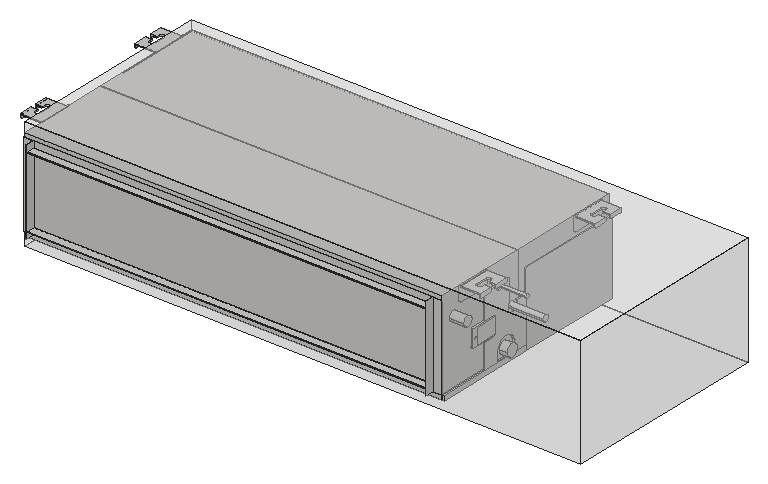
Revit family "outputfile", category 機械設備, Revit 2024
Family settings
  丸型コネクタ寸法 = 半径を使用
  パーツ タイプ = 標準
  OmniClass 番号 = 23.75.10.24.21.27.27
  OmniClass タイトル = Split System Air Conditioning Units
  作業面ベース = いいえ
  常に垂直 = はい
  ロード時にボイドで切り取り = いいえ
  注釈の向きを維持 = いいえ
  共有 = いいえ
  部屋計算ポイント = はい
Parameters (values of type "FDYBA50AV1")
  Description = ""
  書き出し IFC クラス(タイプ) = "IfcUnitaryEquipmentType"
  定義済み IFC タイプ(タイプ) = "AIRCONDITIONINGUNIT"
  Cost = 0
  Type Comments = ""
  Keynote = ""
  Type Image = (empty or 0)
  Assembly Code = ""
  switch_frequency = yes
  lw_socket for drain = 19.0 mm
  lw_liquidpipe = 64.0 mm
  lw_gaspipe = 76.0 mm
  lw_drainpipe = 33.0 mm
  lh_socket for drain = 170.0 mm
  ld_socket for drain = 165.0 mm
  製造元 = "Daikin"
  モデル = "FDYBA50AV1"
  r_Liquid Pipe Size = Liquid Pipe Size / 2  # 3.2 mm
  r_Gas Pipe Size = Gas Pipe Size / 2  # 6.35 mm
  r_Drain Pipe Size = Drain Pipe Size / 2  # 10.0 mm
  lw_powersuply = 65.0 mm  # constant formula
  lh_suctionflange [instance] = [h***] + 100.5 mm  # 100.5 mm
  lh_mounting = lh_mountinghole + [h***]  # 200.0 mm
  ld_suctionflange [instance] = if(and(Rear Connection_Return Air, Width = 700.0 mm), 94.5 mm, if(and(Rear Connection_Return Air, Width = 900.0 mm), 94.0 mm, if(and(Rear Connection_Return Air, Width = 1100.0 mm), 94.0 mm, 100.5 mm)))  # 94.0 mm
  ld_powersuply = 410.0 mm  # constant formula
  ld_mountinghole_Back = 165.0 mm
  ld_mountinghole_Front = 144.0 mm
  ld_RA_below = if(Width = 700.0 mm, 189.0 mm, 188.0 mm)  # 188.0 mm
  ld_RA = if(Width = 700.0 mm, 94.5 mm, 94.0 mm)  # 94.0 mm
  connector_voltage = Voltage_50Hz  # 230 V
  connector_powerinput = if([Power Input (Cooling)] > [Power Input (Heating)], [Power Input (Cooling)], [Power Input (Heating)])  # 0.000 kW
  connector_phase = Phase_50Hz  # 1
  angle_vertical_RA [instance] = if(Rear Connection_Return Air, 90.00°, 0.00°)  # 90.00°
  angle horizontal_RA [instance] = if(Rear Connection_Return Air, 180.00°, 270.00°)  # 180.00°
  Voltage_comment_50Hz = "220 - 240"
  Voltage_50Hz = 230 V
  URL = ""
  Supply Air Direction [instance] = yes
  Sound Power Level_H speed (dB) = 0
  Rear Connection_Return Air [instance] = not(Bottom Connection_Return Air)  # yes
  Phase_50Hz = 1
  Minimum External Static Pressure = 10.00 Pa
  Minimum Circuit Amps_50Hz = 0.0 A
  Maximum Fuse Amps_50Hz = 0.0 A
  Maximum External Static Pressure = 45.00 Pa
  Material_Casing = DAIKIN_GalvanizedSteel_Casing_indoorunit
  ld_liquidpipe = 150.0 mm
  ld_gaspipe = 184.0 mm  # constant formula
  lw_mountinghole = Width + 52.0 mm  # 952.0 mm
  ld_drainpipe = 28.0 mm  # constant formula
  lh_liquidpipe = 43.0 mm
  lh_gaspipe = 96.0 mm
  lh_mountinghole = 200.0 mm  # constant formula
  lh_drainpipe = 49.0 mm
  h_antenna = Height - lh_mountinghole + 1.0 mm  # 1.0 mm
  h*** = 0.0 mm  # constant formula
  Width = 900.0 mm
  Version = "ver.1.0"
  Unit Type = "DAS Duct (Demand Response)"
  Unit Mass Weight = 21.00 kg
  Unit Designation [instance] = ""
  Uniclass2015Version = "Products v1.30"
  Uniclass2015Title = "Split coil room air conditioning units"
  Uniclass2015Code = "Pr_70_65_03_86"
  Total Heating Capacity [instance] = 0.000 kW
  Total Cooling Capacity [instance] = 0.000 kW
  Sound Pressure Level_M speed (dBA) = 0
  Sound Pressure Level_L speed (dBA) = 31
  Sound Pressure Level_H speed (dBA) = 45.3
  Series = "SkyAir_Fan Coil Unit"
  Sensible Cooling Capacity [instance] = 0.000 kW
  SA Duct Size Width = 860.0 mm
  SA Duct Size Height = 153.0 mm
  Refrigerant Type = "R32"
  RA Duct Size Width = 775.0 mm
  RA Duct Size Height = 163.0 mm
  Power Input (Heating) = 0.000 kW
  Power Input (Cooling) = 0.000 kW
  Option Accessory 3 [instance] = ""
  Option Accessory 2 [instance] = ""
  Option Accessory 1 [instance] = ""
  Nominal Heating Capacity = 6.000 kW
  Nominal Cooling Capacity = 4.830 kW
  Minimum Airflow = 474.00 m³/h
  Median Airflow = 690.00 m³/h
  Maximum Airflow = 864.00 m³/h
  Load Classification = HVAC
  Liquid Pipe Size = 6.4 mm
  Link_Nested Family [instance] = ""
  IfcVersion = ""
  IfcExportType = "AIRCONDITIONINGUNIT"
  IfcExportAs = "IfcUnitaryEquipmentType"
  Height = 200.0 mm
  Heating Entering Wet Bulb Temperature [instance] = 0.00 °C
  Heating Entering Dry Bulb Temperature [instance] = 0.00 °C
  Heating Ambient Wet Bulb Temperature [instance] = 0.00 °C
  Heating Ambient Dry Bulb Temperature [instance] = 0.00 °C
  Heat Exchanger Type = "Cross Fin Coil"
  Gas Pipe Size = 12.7 mm
  Frequency_50Hz = 50 Hz
  Fan Type = "Sirocco Fan"
  Fan Drive = "Direct Drive"
  FCU Tag No. [instance] = ""
  Drain Pipe Size = 20.0 mm
  Design Supply Airflow [instance] = 0.00 m³/h
  Design Return Airflow [instance] = 0.00 m³/h
  Design External Static Pressure [instance] = 0.00 Pa
  Depth = 450.0 mm
  既定の高さ = 0.0 mm
  Cooling Entering Wet Bulb Temperature [instance] = 0.00 °C
  Cooling Entering Dry Bulb Temperature [instance] = 0.00 °C
  Cooling Ambient Wet Bulb Temperature [instance] = 0.00 °C
  Cooling Ambient Dry Bulb Temperature [instance] = 0.00 °C
  Clearance visibility [instance] = yes
  Clearance Top = 20.0 mm
  Clearance Right = 300.0 mm
  Clearance Rear = 0.0 mm
  Clearance Left = 0.0 mm
  Clearance Front = 0.0 mm
  Clearance Bottom = 20.0 mm
  Bottom Connection_Return Air [instance] = no
Reference planes
  plane 1 "Center (Front/Back)": y = 0
  plane 2 "Bottom": z = -200
  plane 3 "Center (Left/Right)": x = 0
  plane 4 "Back": y = 225
  plane 5 "Front": y = -225
  plane 6 "Left": x = -450
  plane 7 "Right": x = 450
  plane 8 "Top": z = 0
  plane 9 "BB": y = -20
  plane 10 "condensate water pan": z = -190
  plane 11 "Below": z = -200
  plane 12 "Other components Right": x = 455
  plane 13 "Other components Left": x = 445
  plane 14 "lh_drainpipe": z = -49
  plane 15 "ld_drainpipe": y = -197
  plane 16 "drainpipe": x = 483
  plane 17 "lh_liquidpipe": z = -43
  plane 18 "ld_liquidpipe": y = -75
  plane 19 "ld_gaspipe": y = -41
  plane 20 "lh_gaspipe": z = -96
  plane 21: x = 514
  plane 22: x = 526
  plane 23: x = 469
  plane 24 "w_mountinghole_Left": x = -476
  plane 25 "w_mountinghole_Right": x = 476
  plane 26 "d_mountinghole_Back": y = 165
  plane 27 "d_mountinghole_Front": y = -144
  plane 28 "h_mountinghole": z = 0
  plane 29 "lw_powersuply": x = 385
  plane 30 "ld_powersuply": y = 185
  plane 31 "Clearance Left": x = -450
  plane 32 "Clearance Right": x = 750
  plane 33 "Clearance Rear": y = 225
  plane 34 "Clearance Front": y = -225
  plane 35 "Clearance Bottom": z = -220
  plane 36 "Clearance Top": z = 20
  plane 37 "RA": y = 224
  plane 38: z = -199
  plane 39 "RA_d": y = 131
  plane 40 "RA_w": x = -51.5
  plane 41 "RA_h": z = -99.5
  plane 42 "SA_h": z = -99
  plane 43 "RA_dd": y = 37
  plane 44: y = -60
  plane 45: z = -170
Forms (mm)
  Extrusion 1, solid, material "DAIKIN_GalvanizedSteel_Casing_indoorunit" <- "Material_Casing"
    sketch origin (0, 0, 100) x (0, 1, 0) y (0, 0, 1)
      loop
        line (-20, -100) -> (-20, -300) -> (225, -300) -> (225, -100) -> (-20, -100)
    from -450 to 450
  Extrusion 2, solid, material "DAIKIN_GalvanizedSteel_Casing_indoorunit" <- "Material_Casing"
    sketch origin (0, 0, 100) x (0, 1, 0) y (0, 0, 1)
      loop
        line (-225, -100) -> (-225, -290) -> (-20, -290) -> (-20, -100) -> (-225, -100)
    from -450 to 450
  Extrusion 3, solid, material "DAIKIN_GalvanizedSteel_Casing_indoorunit" <- "Material_Casing"
    sketch origin (0, 0, 100) x (0, 1, 0) y (0, 0, 1)
      loop
        line (-225, -290) -> (-225, -300) -> (-20, -300) -> (-20, -290) -> (-225, -290)
    from -450 to 450
  Extrusion 4, solid, material "DAIKIN_GalvanizedSteel_Casing_indoorunit" <- "Material_Casing"
    sketch origin (0, 0, 0) x (0, 1, 0) y (0, 0, 1)
      loop
        arc (-2, -40) -> (-4.121, -40.879) -> (-5, -43) r 3
        line (-5, -43) -> (-5, -197)
        arc (-5, -197) -> (-4.121, -199.121) -> (-2, -200) r 3
        line (-2, -200) -> (225, -200) -> (225, -40) -> (-2, -40)
    from 450 to 455
  Extrusion 5, solid, material "DAIKIN_GalvanizedSteel_Casing_indoorunit" <- "Material_Casing"
    sketch origin (620, 0, 0) x (0, 1, 0) y (0, 0, 1)
      loop
        line (-225, -190) -> (-225, -200) -> (-5, -200) -> (-5, -193)
        arc (-5, -193) -> (-5.879, -190.879) -> (-8, -190) r 3
        line (-8, -190) -> (-225, -190)
    from -170 to -165
  Extrusion 6, void
    sketch origin (0, 0, 0) x (0, 1, 0) y (0, 0, 1)
      loop
        arc (-145.64, -94.17) -> (-147.761, -95.049) -> (-148.64, -97.17) r 3
        line (-148.64, -97.17) -> (-148.64, -131.17)
        arc (-148.64, -131.17) -> (-147.761, -133.291) -> (-145.64, -134.17) r 3
        line (-145.64, -134.17) -> (-91.78, -134.17)
        arc (-91.78, -134.17) -> (-89.659, -133.291) -> (-88.78, -131.17) r 3
        line (-88.78, -131.17) -> (-88.78, -97.17)
        arc (-88.78, -97.17) -> (-89.659, -95.049) -> (-91.78, -94.17) r 3
        line (-91.78, -94.17) -> (-145.64, -94.17)
    from 445 to 455
  Extrusion 7, solid, material "DAIKIN_GalvanizedSteel_Casing_indoorunit" <- "Material_Casing"
    sketch origin (0, 0, 0) x (0, 1, 0) y (0, 0, 1)
      loop
        line (-91.78, -95.17) -> (-145.64, -95.17)
        arc (-145.64, -95.17) -> (-147.054, -95.756) -> (-147.64, -97.17) r 2
        line (-147.64, -97.17) -> (-147.64, -131.17)
        arc (-147.64, -131.17) -> (-147.054, -132.584) -> (-145.64, -133.17) r 2
        line (-145.64, -133.17) -> (-91.78, -133.17)
        arc (-91.78, -133.17) -> (-90.366, -132.584) -> (-89.78, -131.17) r 2
        line (-89.78, -131.17) -> (-89.78, -97.17)
        arc (-89.78, -97.17) -> (-90.366, -95.756) -> (-91.78, -95.17) r 2
    from 445 to 455
  Extrusion 8, solid, material "DAIKIN_GalvanizedSteel_Casing_indoorunit" <- "Material_Casing"
    sketch origin (0, 0, 0) x (0, 1, 0) y (0, 0, 1)
      loop
        line (-89.78, -97.67) -> (-136.14, -97.67) -> (-136.14, -130.67) -> (-89.78, -130.67) -> (-89.78, -97.67)
      loop
        circle (-142.64, -114.17) r 1.5
    from 450 to 455
  Extrusion 9, solid, material "DAIKIN_GalvanizedSteel_Casing_indoorunit" <- "Material_Casing"
    sketch origin (0, 0, 0) x (0, 1, 0) y (0, 0, 1)
      loop
        circle (-197, -49) r 10
    from 450 to 483
  Extrusion 10, solid, material "DAIKIN_GalvanizedSteel_Casing_indoorunit" <- "Material_Casing"
    sketch origin (0, 0, 0) x (0, 1, 0) y (0, 0, 1)
      loop
        circle (-75, -43) r 3.2
    from 450 to 514
  Extrusion 11, solid, material "DAIKIN_GalvanizedSteel_Casing_indoorunit" <- "Material_Casing"
    sketch origin (0, 0, 0) x (0, 1, 0) y (0, 0, 1)
      loop
        circle (-41, -96) r 6.35
    from 450 to 526
  Extrusion 12, solid, material "DAIKIN_GalvanizedSteel_Casing_indoorunit" <- "Material_Casing"
    sketch origin (0, 0, 0) x (0, 1, 0) y (0, 0, 1)
      loop
        circle (-60, -170) r 13
    from 450 to 469
  Extrusion 13, void
    sketch origin (0, 0, 0) x (1, 0, 0) y (0, 0, 1)
      loop
        line (346, -1) -> (-449, -1) -> (-449, -200) -> (346, -200) -> (346, -1)
    from -225 to -37
  Extrusion 14, solid, material "DAIKIN_GalvanizedSteel_Casing_indoorunit" <- "Material_Casing", visible <- "Bottom Connection_Return Air"
    sketch origin (0, 0, 0) x (1, 0, 0) y (0, 0, 1)
      loop
        line (346, -1) -> (-449, -1) -> (-449, -200) -> (346, -200) -> (346, -1)
    from -225 to -224
  Extrusion 15, solid, material "DAIKIN_GalvanizedSteel_Casing_indoorunit" <- "Material_Casing", visible <- "Rear Connection_Return Air"
    sketch origin (0, 0, 0) x (1, 0, 0) y (0, 1, 0)
      loop
        line (-449, 37) -> (346, 37) -> (346, 225) -> (-449, 225) -> (-449, 37)
    from -200 to -199
  Extrusion 16, solid, material "DAIKIN_GalvanizedSteel_Casing_indoorunit" <- "Material_Casing"
    sketch origin (450, 0, 0) x (0, 1, 0) y (0, 0, 1)
      loop
        line (-115, -39) -> (-115, -94.17) -> (-90.78, -94.17)
        arc (-90.78, -94.17) -> (-88.659, -95.049) -> (-87.78, -97.17) r 3
        line (-87.78, -97.17) -> (-87.78, -133.17)
        arc (-87.78, -133.17) -> (-88.659, -135.291) -> (-90.78, -136.17) r 3
        line (-90.78, -136.17) -> (-116, -136.17) -> (-116, -190) -> (-84, -190) -> (-84, -170)
        arc (-84, -170) -> (-60, -146) -> (-36, -170) r 24
        line (-36, -170) -> (-36, -190) -> (-5, -190) -> (-5, -91) -> (-27.696, -91)
        arc (-27.696, -91) -> (-43.308, -110.024) -> (-52, -87) r 14.213
        line (-52, -87) -> (-52, -39) -> (-65.835, -39)
        arc (-65.835, -39) -> (-75, -53) -> (-84.165, -39) r 10
        line (-84.165, -39) -> (-115, -39)
    from 0 to 5
Cuts and joins
  Extrusion 6 cuts Extrusion 2
  Extrusion 13 cuts Extrusion 1
Dimensions and locks
  equal spacing: plane 4 "Back", plane 1 "Center (Front/Back)", plane 5 "Front"
  "Depth": plane 4 "Back" to plane 5 "Front"
  equal spacing: plane 6 "Left", plane 3 "Center (Left/Right)", plane 7 "Right"
  "Width": plane 6 "Left" to plane 7 "Right"
  locked: plane 1 "Center (Front/Back)" to plane 9 "BB" at 20
  "h***": plane 11 "Below" to plane 2 "Bottom"
  locked: plane 10 "condensate water pan" to plane 11 "Below" at 10
  "Height": plane 8 "Top" to plane 11 "Below"
  locked: Extrusion 4 sketch curve to plane 4 "Back" at 230
  locked: Extrusion 4 sketch curve to plane 11 "Below" at 160
  locked: plane 7 "Right" to plane 12 "Other components Right" at 5
  locked: plane 13 "Other components Left" to plane 7 "Right" at 5
  "ld_drainpipe": plane 15 "ld_drainpipe" to plane 5 "Front"
  "lw_drainpipe": plane 7 "Right" to plane 16 "drainpipe"
  "ld_liquidpipe": plane 18 "ld_liquidpipe" to plane 5 "Front"
  "ld_gaspipe": plane 19 "ld_gaspipe" to plane 5 "Front"
  "lw_liquidpipe": plane 7 "Right" to plane 21
  "lw_gaspipe": plane 7 "Right" to plane 22
  "lw_socket for drain": plane 7 "Right" to plane 23
  equal spacing: plane 24 "w_mountinghole_Left", plane 3 "Center (Left/Right)", plane 25 "w_mountinghole_Right"
  "lw_mountinghole": plane 24 "w_mountinghole_Left" to plane 25 "w_mountinghole_Right"
  plane 26 "d_mountinghole_Back" to plane 27 "d_mountinghole_Front" = 309.0 mm
  "lh_mountinghole": plane 28 "h_mountinghole" to plane 11 "Below"
  "lw_powersuply": plane 29 "lw_powersuply" to plane 7 "Right"
  "ld_powersuply": plane 5 "Front" to plane 30 "ld_powersuply"
  "Clearance Rear": plane 33 "Clearance Rear" to plane 4 "Back"
  "Clearance Front": plane 5 "Front" to plane 34 "Clearance Front"
  "Clearance Bottom": plane 11 "Below" to plane 35 "Clearance Bottom"
  "Clearance Top": plane 36 "Clearance Top" to plane 8 "Top"
  "Clearance Left": plane 31 "Clearance Left" to plane 6 "Left"
  "Clearance Right": plane 7 "Right" to plane 32 "Clearance Right"
  locked: cut or joined group of Extrusion 1, Extrusion 13 to plane 6 "Left" at 1
  locked: plane 7 "Right" to cut or joined group of Extrusion 1, Extrusion 13 at 104
  locked: plane 4 "Back" to plane 37 "RA" at 1
  locked: plane 6 "Left" to Extrusion 15 sketch curve at 1
  locked: Extrusion 15 sketch curve to plane 7 "Right" at 104
  locked: plane 38 to plane 11 "Below" at 1
  locked: plane 40 "RA_w" to plane 3 "Center (Left/Right)" at 51.5
  "ld_RA": plane 39 "RA_d" to plane 4 "Back"
  locked: plane 11 "Below" to plane 41 "RA_h" at 100.5
  locked: plane 11 "Below" to plane 42 "SA_h" at 101
  "ld_mountinghole_Back": plane 26 "d_mountinghole_Back" to plane 1 "Center (Front/Back)"
  "ld_mountinghole_Front": plane 27 "d_mountinghole_Front" to plane 1 "Center (Front/Back)"
  "ld_RA_below": plane 4 "Back" to plane 43 "RA_dd"
  plane 27 "d_mountinghole_Front" to plane 5 "Front" = 81.0 mm
  "lh_drainpipe": plane 8 "Top" to plane 14 "lh_drainpipe"
  "lh_liquidpipe": plane 8 "Top" to plane 17 "lh_liquidpipe"
  "lh_gaspipe": plane 8 "Top" to plane 20 "lh_gaspipe"
  "ld_socket for drain": plane 44 to plane 5 "Front"
  "lh_socket for drain": plane 8 "Top" to plane 45
  locked: Extrusion 16 sketch curve to Extrusion 16 sketch curve at 111
  locked: Extrusion 16 sketch curve to Extrusion 16 sketch curve at 151
  "r_Liquid Pipe Size": radius of Extrusion 10 sketch curve
  "r_Gas Pipe Size": radius of Extrusion 11 sketch curve
  "r_Drain Pipe Size": radius of Extrusion 9 sketch curve
  aligned and locked: Extrusion 1 sketch curve to plane 8 "Top"
  aligned and locked: plane 9 "BB" to Extrusion 1 sketch curve
  aligned and locked: Extrusion 1 sketch curve to plane 4 "Back"
  aligned and locked: Extrusion 2 sketch curve to plane 9 "BB"
  aligned and locked: Extrusion 2 sketch curve to plane 8 "Top"
  aligned and locked: plane 5 "Front" to Extrusion 2 sketch curve
  aligned and locked: Extrusion 1 to plane 6 "Left"
  aligned and locked: plane 7 "Right" to Extrusion 1
  aligned and locked: Extrusion 2 to plane 6 "Left"
  aligned and locked: plane 7 "Right" to Extrusion 2
  aligned and locked: plane 10 "condensate water pan" to Extrusion 2 sketch curve
  aligned and locked: Extrusion 3 sketch curve to plane 10 "condensate water pan"
  aligned and locked: plane 5 "Front" to Extrusion 3 sketch curve
  aligned and locked: Extrusion 3 sketch curve to plane 9 "BB"
  aligned and locked: Extrusion 3 to plane 6 "Left"
  aligned and locked: plane 7 "Right" to Extrusion 3
  aligned and locked: plane 11 "Below" to Extrusion 3
  aligned and locked: Extrusion 1 to plane 11 "Below"
  aligned and locked: plane 11 "Below" to Extrusion 4 sketch curve
  aligned and locked: Extrusion 4 sketch curve to plane 4 "Back"
  aligned and locked: Extrusion 4 to plane 7 "Right"
  aligned and locked: plane 12 "Other components Right" to Extrusion 4
  aligned and locked: Extrusion 5 sketch curve to plane 10 "condensate water pan"
  aligned and locked: plane 5 "Front" to Extrusion 5 sketch curve
  aligned and locked: plane 11 "Below" to Extrusion 5 sketch curve
  aligned and locked: Extrusion 5 to plane 7 "Right"
  aligned and locked: plane 12 "Other components Right" to Extrusion 5
  aligned and locked: Extrusion 6 to plane 13 "Other components Left"
  aligned and locked: plane 12 "Other components Right" to Extrusion 6
  aligned and locked: Extrusion 8 to plane 7 "Right"
  aligned and locked: Extrusion 7 to plane 13 "Other components Left"
  aligned and locked: plane 16 "drainpipe" to Extrusion 9
  aligned and locked: Extrusion 9 to plane 7 "Right"
  aligned and locked: plane 12 "Other components Right" to Extrusion 7
  aligned and locked: plane 12 "Other components Right" to Extrusion 8
  aligned and locked: Extrusion 10 to plane 7 "Right"
  aligned and locked: plane 21 to Extrusion 10
  aligned and locked: plane 19 "ld_gaspipe" to Extrusion 11 sketch curve
  aligned and locked: plane 20 "lh_gaspipe" to Extrusion 11 sketch curve
  aligned and locked: plane 18 "ld_liquidpipe" to Extrusion 10 sketch curve
  aligned and locked: plane 17 "lh_liquidpipe" to Extrusion 10 sketch curve
  aligned and locked: plane 14 "lh_drainpipe" to Extrusion 9 sketch curve
  aligned and locked: plane 15 "ld_drainpipe" to Extrusion 9 sketch curve
  aligned and locked: Extrusion 11 to plane 7 "Right"
  aligned and locked: plane 22 to Extrusion 11
  aligned and locked: Extrusion 12 to plane 7 "Right"
  aligned and locked: plane 23 to Extrusion 12
  aligned and locked: plane 25 "w_mountinghole_Right" to nested 2
  aligned and locked: nested 2 to plane 26 "d_mountinghole_Back"
  aligned and locked: plane 28 "h_mountinghole" to nested 2
  aligned and locked: plane 27 "d_mountinghole_Front" to nested 3
  aligned and locked: plane 25 "w_mountinghole_Right" to nested 3
  aligned and locked: plane 24 "w_mountinghole_Left" to nested 4
  aligned and locked: plane 26 "d_mountinghole_Back" to nested 4
  aligned and locked: plane 24 "w_mountinghole_Left" to nested 5
  aligned and locked: nested 5 to plane 27 "d_mountinghole_Front"
  aligned and locked: plane 28 "h_mountinghole" to nested 4
  aligned and locked: plane 28 "h_mountinghole" to nested 5
  aligned and locked: plane 28 "h_mountinghole" to nested 3
  aligned and locked: plane 24 "w_mountinghole_Left" to nested 1
  aligned and locked: nested 1 to plane 26 "d_mountinghole_Back"
  aligned and locked: plane 27 "d_mountinghole_Front" to nested 6
  aligned and locked: plane 24 "w_mountinghole_Left" to nested 6
  aligned and locked: nested 7 to plane 25 "w_mountinghole_Right"
  aligned and locked: nested 7 to plane 26 "d_mountinghole_Back"
  aligned and locked: plane 27 "d_mountinghole_Front" to nested 8
  aligned and locked: nested 8 to plane 25 "w_mountinghole_Right"
  aligned and locked: plane 15 "ld_drainpipe" to nested 9
  aligned and locked: plane 7 "Right" to nested 9
  aligned and locked: plane 14 "lh_drainpipe" to nested 9
  aligned and locked: plane 7 "Right" to nested 11
  aligned and locked: plane 7 "Right" to nested 10
  aligned and locked: plane 18 "ld_liquidpipe" to nested 10
  aligned and locked: plane 19 "ld_gaspipe" to nested 11
  aligned and locked: nested 10 to plane 17 "lh_liquidpipe"
  aligned and locked: nested 11 to plane 20 "lh_gaspipe"
  aligned and locked: plane 31 "Clearance Left" to nested 12
  aligned and locked: nested 12 to plane 33 "Clearance Rear"
  aligned and locked: plane 34 "Clearance Front" to nested 12
  aligned and locked: nested 12 to plane 32 "Clearance Right"
  aligned and locked: plane 36 "Clearance Top" to nested 12
  aligned and locked: plane 35 "Clearance Bottom" to nested 12
  aligned and locked: nested 13 to plane 29 "lw_powersuply"
  aligned and locked: plane 30 "ld_powersuply" to nested 13
  aligned and locked: nested 13 to plane 20 "lh_gaspipe"
  aligned and locked: plane 3 "Center (Left/Right)" to nested 14
  aligned and locked: plane 1 "Center (Front/Back)" to nested 14
  aligned and locked: plane 1 "Center (Front/Back)" to nested 15
  aligned and locked: nested 15 to plane 11 "Below"
  aligned and locked: plane 3 "Center (Left/Right)" to nested 16
  aligned and locked: plane 3 "Center (Left/Right)" to nested 17
  aligned and locked: plane 8 "Top" to nested 16
  aligned and locked: plane 4 "Back" to Extrusion 13
  aligned and locked: plane 4 "Back" to Extrusion 14
  aligned and locked: Extrusion 14 to plane 37 "RA"
  aligned and locked: Extrusion 15 to plane 11 "Below"
  aligned and locked: plane 38 to Extrusion 15
  aligned and locked: plane 39 "RA_d" to nested 18
  aligned and locked: plane 1 "Center (Front/Back)" to nested 19
  aligned and locked: plane 3 "Center (Left/Right)" to nested 19
  aligned and locked: plane 42 "SA_h" to nested 19
  aligned and locked: nested 16 to plane 37 "RA"
  aligned and locked: nested 16 to plane 4 "Back"
  aligned and locked: nested 17 to plane 38
  aligned and locked: nested 17 to plane 37 "RA"
  aligned and locked: Extrusion 13 to plane 43 "RA_dd"
  aligned and locked: Extrusion 15 sketch curve to plane 43 "RA_dd"
  aligned and locked: level to plane 8 "Top"
  aligned and locked: plane 45 to Extrusion 12 sketch curve
  aligned and locked: plane 44 to Extrusion 12 sketch curve
  aligned and locked: Extrusion 4 to Extrusion 16 sketch curve
Automatic sketch dimensions
  Extrusion 1 sketch curve to plane 10 "condensate water pan" = 10.0 mm
  Extrusion 3 sketch curve to plane 10 "condensate water pan" = 10.0 mm
  Extrusion 4 sketch curve to plane 10 "condensate water pan" = 7.0 mm
  plane 1 "Center (Front/Back)" to Extrusion 4 sketch curve = 2.0 mm
  plane 1 "Center (Front/Back)" to Extrusion 5 sketch curve = 5.0 mm
  Extrusion 5 sketch curve to plane 10 "condensate water pan" = 3.0 mm
  plane 5 "Front" to Extrusion 6 sketch curve = 76.36 mm
  Extrusion 6 sketch curve to Extrusion 6 sketch curve = 3.0 mm  (x3)
  Extrusion 6 sketch curve to Extrusion 6 sketch curve = 53.86 mm
  Extrusion 6 sketch curve to Extrusion 6 sketch curve = 0.0 mm
  plane 10 "condensate water pan" to Extrusion 6 sketch curve = 55.83 mm
  Extrusion 6 sketch curve to Extrusion 6 sketch curve = 34.0 mm
  plane 5 "Front" to Extrusion 7 sketch curve = 79.36 mm
  Extrusion 7 sketch curve to Extrusion 7 sketch curve = 2.0 mm  (x3)
  Extrusion 7 sketch curve to Extrusion 7 sketch curve = 53.86 mm
  Extrusion 7 sketch curve to Extrusion 7 sketch curve = 0.0 mm
  plane 10 "condensate water pan" to Extrusion 7 sketch curve = 56.83 mm
  Extrusion 7 sketch curve to Extrusion 7 sketch curve = 34.0 mm
  plane 5 "Front" to Extrusion 8 sketch curve = 82.36 mm
  Extrusion 8 sketch curve to Extrusion 8 sketch curve = 6.5 mm
  Extrusion 8 sketch curve to Extrusion 8 sketch curve = 46.36 mm
  plane 10 "condensate water pan" to Extrusion 8 sketch curve = 59.33 mm
  Extrusion 8 sketch curve to Extrusion 8 sketch curve = 16.5 mm  (x2)
  plane 6 "Left" to Extrusion 13 sketch curve = 1.0 mm
  plane 35 "Clearance Bottom" to Extrusion 13 sketch curve = 20.0 mm
  plane 29 "lw_powersuply" to Extrusion 13 sketch curve = 39.0 mm
  Extrusion 13 sketch curve to plane 8 "Top" = 1.0 mm
  plane 6 "Left" to Extrusion 14 sketch curve = 1.0 mm
  Extrusion 14 sketch curve to plane 11 "Below" = 0.0 mm
  plane 29 "lw_powersuply" to Extrusion 14 sketch curve = 39.0 mm
  Extrusion 14 sketch curve to plane 8 "Top" = 1.0 mm
  Extrusion 15 sketch curve to plane 4 "Back" = 0.0 mm
  Extrusion 16 sketch curve to plane 10 "condensate water pan" = 0.0 mm  (x2)
  Extrusion 16 sketch curve to plane 17 "lh_liquidpipe" = 0.0 mm
  Extrusion 16 sketch curve to plane 18 "ld_liquidpipe" = 0.0 mm
  Extrusion 16 sketch curve to plane 44 = 0.0 mm
  Extrusion 16 sketch curve to plane 19 "ld_gaspipe" = 0.0 mm
  Extrusion 16 sketch curve to plane 45 = 0.0 mm
  Extrusion 16 sketch curve to plane 20 "lh_gaspipe" = 0.0 mm
  Extrusion 16 sketch curve to plane 18 "ld_liquidpipe" = 9.165 mm
  Extrusion 16 sketch curve to plane 20 "lh_gaspipe" = 1.17 mm
  Extrusion 16 sketch curve to plane 18 "ld_liquidpipe" = 12.78 mm
  Extrusion 16 sketch curve to Extrusion 16 sketch curve = 3.0 mm
  plane 20 "lh_gaspipe" to Extrusion 16 sketch curve = 1.83 mm
  Extrusion 16 sketch curve to Extrusion 16 sketch curve = 24.22 mm
  plane 17 "lh_liquidpipe" to Extrusion 16 sketch curve = 4.0 mm
  plane 44 to Extrusion 16 sketch curve = 8.0 mm
  plane 45 to Extrusion 16 sketch curve = 33.83 mm
  plane 20 "lh_gaspipe" to Extrusion 16 sketch curve = 5.0 mm
  plane 20 "lh_gaspipe" to Extrusion 16 sketch curve = 9.0 mm
  plane 19 "ld_gaspipe" to Extrusion 16 sketch curve = 5.0 mm
  Extrusion 16 sketch curve to Extrusion 16 sketch curve = 0.0 mm
  radius of Extrusion 8 sketch curve = 1.5 mm
  radius of Extrusion 12 sketch curve = 13.0 mm
Nested families
  nested 1: "daikin_mountinghole" at (-476, 165, -200), h_mountinghole <- "lh_mounting", l_antenna <- "h_antenna", Link_Nested Family <- "Link_Nested Family", type "daikin_mountinghole"
    with show yes, l_antenna 1.0 mm, h_mountinghole 200.0 mm, Link_Nested Family ""
  nested 2: "daikin_hangerfixture_FDYBA-AV1" at (450, 165, 0), type "daikin_hangerfixture_FDYBA-AV1"
  nested 3: "daikin_hangerfixture_FDYBA-AV1" at (450, -144, 0), type "daikin_hangerfixture_FDYBA-AV1"
  nested 4: "daikin_hangerfixture_FDYBA-AV1" at (-450, 165, 0) x (-1, 0, 0) z (0, 0, 1), type "daikin_hangerfixture_FDYBA-AV1"
  nested 5: "daikin_hangerfixture_FDYBA-AV1" at (-450, -144, 0) x (-1, 0, 0) z (0, 0, 1), type "daikin_hangerfixture_FDYBA-AV1"
  nested 6: "daikin_mountinghole" at (-476, -144, -200), h_mountinghole <- "lh_mounting", l_antenna <- "h_antenna", Link_Nested Family <- "Link_Nested Family", type "daikin_mountinghole"
    with show yes, l_antenna 1.0 mm, h_mountinghole 200.0 mm, Link_Nested Family ""
  nested 7: "daikin_mountinghole" at (476, 165, -200), h_mountinghole <- "lh_mounting", l_antenna <- "h_antenna", Link_Nested Family <- "Link_Nested Family", type "daikin_mountinghole"
    with show yes, l_antenna 1.0 mm, h_mountinghole 200.0 mm, Link_Nested Family ""
  nested 8: "daikin_mountinghole" at (476, -144, -200), h_mountinghole <- "lh_mounting", l_antenna <- "h_antenna", Link_Nested Family <- "Link_Nested Family", type "daikin_mountinghole"
    with show yes, l_antenna 1.0 mm, h_mountinghole 200.0 mm, Link_Nested Family ""
  nested 9: "daikin_connector_rotate2" at (450, -197, -49) x (0, 1, 0) z (0, 0, 1), radius <- "r_Drain Pipe Size", type "daikin_connector_rotate2"
    with radius 10.0 mm, length 33.0 mm, angle_vertical 90.00°, show_face no
  nested 10: "daikin_connector_rotate2" at (450, -75, -43) x (0, 1, 0) z (0, 0, 1), radius <- "r_Liquid Pipe Size", type "daikin_connector_rotate2"
    with radius 3.2 mm, length 64.0 mm, angle_vertical 90.00°, show_face no
  nested 11: "daikin_connector_rotate2" at (450, -41, -96) x (0, 1, 0) z (0, 0, 1), radius <- "r_Gas Pipe Size", type "daikin_connector_rotate2"
    with radius 6.35 mm, length 76.0 mm, angle_vertical 90.00°, show_face no
  nested 12: "daikin_clearancespace" at (150, 0, -99.881), visible <- "Clearance visibility", show <- "Clearance visibility", Link_Nested Family <- "Link_Nested Family", type "daikin_clearancespace"
    with width 1200.0 mm, show yes, height 240.0 mm, depth 450.0 mm, Link_Nested Family ""
  nested 13: "daikin_connector_rotate2" at (385, 185, -96) x (1, 0, 0) z (0, -1, 0), type "daikin_connector_rotate2"
    with radius 10.0 mm, length 104.0 mm, angle_vertical 90.00°, show_face no
  nested 14: "daikin_△_symbolicline" at (0, 0, 200), visible <- "Supply Air Direction", built-in parameter 1001360 <- "Height", type "daikin_△_symbolicline"
    with length 200.0 mm
  nested 15: "daikin_ductflange_FDYBA-AV1_1" at (0, 0, -364.701), width <- "SA Duct Size Width", height <- "SA Duct Size Height", material <- "Material_Casing", type "daikin_ductflange_FDYBA-AV1_1"
    with width 860.0 mm, material DAIKIN_GalvanizedSteel_Casing_indoorunit, height 153.0 mm, depth 20.0 mm
  nested 16: "daikin_ductflange_FDYBA-AV1_2" at (0, 225, -99.5), visible <- "Rear Connection_Return Air", height <- "RA Duct Size Height", width <- "RA Duct Size Width", material <- "Material_Casing", type "daikin_ductflange_FDYBA-AV1_2"
    with width 775.0 mm, material DAIKIN_GalvanizedSteel_Casing_indoorunit, height 163.0 mm, depth 1.0 mm
  nested 17: "daikin_ductflange_FDYBA-AV1_2" at (0, 125.5, -200) x (1, 0, 0) z (0, 1, 0), visible <- "Bottom Connection_Return Air", width <- "RA Duct Size Width", height <- "RA Duct Size Height", type "daikin_ductflange_FDYBA-AV1_2"
    with width 775.0 mm, material DAIKIN_GalvanizedSteel_Casing_indoorunit, height 163.0 mm, depth 1.0 mm
  nested 18: "daikin_connector_rotate3" at (-51.5, 131, -99.5), angle_vertical <- "angle_vertical_RA", angle_horizontal <- "angle horizontal_RA", length <- "ld_suctionflange", built-in parameter 1001364 <- "lh_suctionflange", type "daikin_connector_rotate3"
    with show no, radius 10.0 mm, length 94.0 mm, angle_vertical 90.00°, angle_horizontal 180.00°
  nested 19: "daikin_connector_rotate2" at (0, 0, -99), type "daikin_connector_rotate2"
    with radius 10.0 mm, length 245.0 mm, angle_vertical 90.00°, show_face no
Connectors
  piping at (483, -197, -49), diameter 20, driven by "r_Drain Pipe Size"
    settings: on nested 9, index 1, connector inside diameter 609.6 mm, connector length 0.0 mm, flow factor 0, pipe flow 0.00 m³/h, pressure drop 0.0 Pa, fitting loss kfactor 0, connector angle 0.00°, fixture units 0, engagement length 0.0 mm, angle of deflection 0.00°, flow configuration 1, flow direction 2, fitting loss method 4, system type 16, joint type 0, gender type 0, connector reference index -1, connector utility 0, adjustable connector no, is connector primary yes, connector description "Condensate Drain Piping"
  piping at (526, -41, -96), diameter 12.7, driven by "r_Gas Pipe Size"
    settings: on nested 11, index 2, connector inside diameter 609.6 mm, connector length 0.0 mm, flow factor 0, pipe flow 0.00 m³/h, pressure drop 0.0 Pa, fitting loss kfactor 0, connector angle 0.00°, fixture units 0, engagement length 0.0 mm, angle of deflection 0.00°, flow configuration 1, flow direction 2, fitting loss method 0, system type 29, joint type 0, gender type 0, connector reference index -1, connector utility 0, adjustable connector no, is connector primary no, connector description "Refrigerant Gas Piping"
  piping at (514, -75, -43), diameter 6.4, driven by "r_Liquid Pipe Size"
    settings: on nested 10, index 3, connector inside diameter 609.6 mm, connector length 0.0 mm, flow factor 0, pipe flow 0.00 m³/h, pressure drop 0.0 Pa, fitting loss kfactor 0, connector angle 0.00°, fixture units 0, engagement length 0.0 mm, angle of deflection 0.00°, flow configuration 1, flow direction 1, fitting loss method 0, system type 29, joint type 0, gender type 0, connector reference index -1, connector utility 0, adjustable connector no, is connector primary no, connector description "Refrigerant Liquid Piping"
  electrical at (385, 185, -200), driven by "Load Classification", driven by "connector_powerinput", driven by "connector_phase", driven by "connector_voltage"
    settings: on nested 13, index 4, voltage 230 V, apparent load 0 VA, apparent load phase1 0 VA, apparent load phase2 0 VA, apparent load phase3 0 VA, power factor 1, load classification "HVAC", number of poles 1, system type 30, power factor state 1, is connector primary yes, connector utility no, sub classification motor no, connector description "Power Supply"
  hvac at (-51.5, 225, -99.5), driven by "RA Duct Size Height", driven by "RA Duct Size Width"
    settings: on nested 18, index 5, duct flow 0.00 m³/h, flow factor 0, pres drop 0.00 Pa, loss coef 0, conn angle 0.00°, conn width 775.0 mm, conn height 163.0 mm, conn diameter 609.6 mm, duct sys type 2, conn prof type 1, flow config 0, flow direction 1, loss method 4, conn ref index -1, conn util no, is conn primary yes, conn desc "RA Duct"
  hvac at (0, -245, -99), driven by "SA Duct Size Height", driven by "SA Duct Size Width"
    settings: on nested 19, index 6, duct flow 0.00 m³/h, flow factor 0, pres drop 0.00 Pa, loss coef 0, conn angle 0.00°, conn width 860.0 mm, conn height 153.0 mm, conn diameter 609.6 mm, duct sys type 1, conn prof type 1, flow config 0, flow direction 2, loss method 4, conn ref index -1, conn util no, is conn primary no, conn desc "SA Duct"
Definition of nested family "daikin_hangerfixture_FDYBA-AV1"
  Parameters (values of type "daikin_hangerfixture_FDYBA-AV1")
    width = 46.0 mm
    material = none
    height = 32.0 mm
    depth = 70.0 mm
    Default Elevation = 0.0 mm
  Reference planes
    plane 1 "Center (Front/Back)": y = 0
    plane 2: z = 0
    plane 3 "Center (Left/Right)": x = 0
    plane 4: z = -32
    plane 5: y = 35
    plane 6: y = -35
    plane 7: x = 46
    plane 8: z = -2
    plane 9: x = 44
    plane 10: x = 2
    plane 11: x = 26
  Forms (mm)
    Extrusion 1, solid, material <- "material"
      sketch origin (0, 0, 0) x (1, 0, 0) y (0, 1, 0)
        loop
          line (0, 35) -> (0, -35) -> (46, -35) -> (46, -6.5) -> (31.85, -6.5) -> (31.85, -12.15)
          arc (31.85, -12.15) -> (26, -18) -> (20.15, -12.15) r 5.85
          line (20.15, -12.15) -> (20.15, 12.15)
          arc (20.15, 12.15) -> (26, 18) -> (31.85, 12.15) r 5.85
          line (31.85, 12.15) -> (31.85, 6.5) -> (46, 6.5) -> (46, 35) -> (0, 35)
      from -2 to 0
    Extrusion 2, solid, material <- "material"
      sketch origin (0, 0, 0) x (0, 1, 0) y (0, 0, 1)
        loop
          line (35, 0) -> (6.5, 0) -> (6.5, -5)
          arc (6.5, -5) -> (7.379, -7.121) -> (9.5, -8) r 3
          line (9.5, -8) -> (32, -8)
          arc (32, -8) -> (34.121, -7.121) -> (35, -5) r 3
          line (35, -5) -> (35, 0)
        loop
          line (-35, 0) -> (-35, -5)
          arc (-35, -5) -> (-34.121, -7.121) -> (-32, -8) r 3
          line (-32, -8) -> (-9.5, -8)
          arc (-9.5, -8) -> (-7.379, -7.121) -> (-6.5, -5) r 3
          line (-6.5, -5) -> (-6.5, 0) -> (-35, 0)
      from 44 to 46
    Extrusion 3, solid, material <- "material"
      sketch origin (0, 0, 0) x (0, 1, 0) y (0, 0, 1)
        loop
          line (-37.5, 0) -> (-37.5, -27) -> (-32.5, -32) -> (32.5, -32) -> (37.5, -27) -> (37.5, 0) -> (-37.5, 0)
      from 0 to 2
  Cuts and joins
    joined: Extrusion 1, Extrusion 2, Extrusion 3
  Dimensions and locks
    "height": plane 2 to plane 4
    plane 2 to plane 8 = 2.0 mm
    equal spacing: plane 5, plane 1 "Center (Front/Back)", plane 6
    "depth": plane 5 to plane 6
    "width": plane 3 "Center (Left/Right)" to plane 7
    plane 3 "Center (Left/Right)" to plane 11 to plane 7 = 26.0 mm, 20.0 mm
    locked: cut or joined group of Extrusion 1, Extrusion 2, Extrusion 3 to plane 5 at 2.5
    locked: cut or joined group of Extrusion 1, Extrusion 2, Extrusion 3 to plane 6 at 2.5
    aligned and locked: level to plane 2
    aligned and locked: plane 2 to Extrusion 1
    aligned and locked: Extrusion 1 to plane 8
    aligned and locked: plane 7 to Extrusion 2
    aligned and locked: Extrusion 2 to plane 9
    aligned and locked: plane 2 to Extrusion 2
    aligned and locked: plane 4 to Extrusion 3 sketch curve
    aligned and locked: Extrusion 3 sketch curve to plane 2
    aligned and locked: Extrusion 3 to plane 3 "Center (Left/Right)"
    aligned and locked: Extrusion 3 to plane 10
  Automatic sketch dimensions
    Extrusion 1 sketch curve to plane 3 "Center (Left/Right)" = 0.0 mm
    Extrusion 1 sketch curve to plane 7 = 0.0 mm  (x2)
    Extrusion 1 sketch curve to plane 6 = 0.0 mm
    Extrusion 1 sketch curve to plane 5 = 0.0 mm
    plane 3 "Center (Left/Right)" to Extrusion 1 sketch curve = 20.15 mm
    Extrusion 1 sketch curve to Extrusion 1 sketch curve = 5.85 mm  (x2)
    plane 1 "Center (Front/Back)" to Extrusion 1 sketch curve = 12.15 mm
    Extrusion 1 sketch curve to Extrusion 1 sketch curve = 5.65 mm  (x2)
    Extrusion 1 sketch curve to plane 1 "Center (Front/Back)" = 6.5 mm
    Extrusion 2 sketch curve to level = 0.0 mm  (x2)
    Extrusion 2 sketch curve to plane 6 = 0.0 mm
    Extrusion 2 sketch curve to Extrusion 2 sketch curve = 3.0 mm  (x2)
    plane 1 "Center (Front/Back)" to Extrusion 2 sketch curve = 9.5 mm
    plane 1 "Center (Front/Back)" to Extrusion 2 sketch curve = 6.5 mm
    Extrusion 2 sketch curve to plane 1 "Center (Front/Back)" = 6.5 mm
    Extrusion 2 sketch curve to plane 5 = 3.0 mm
    Extrusion 2 sketch curve to plane 5 = 0.0 mm
    Extrusion 2 sketch curve to plane 8 = 3.0 mm  (x2)
    Extrusion 3 sketch curve to Extrusion 3 sketch curve = 5.0 mm  (x2)
    plane 4 to Extrusion 3 sketch curve = 5.0 mm  (x2)
    Extrusion 3 sketch curve to plane 6 = 2.5 mm
    Extrusion 3 sketch curve to plane 5 = 2.5 mm
Definition of nested family "daikin_clearancespace"
  Parameters (values of type "daikin_clearancespace")
    Description = "daikin_clearancespace"
    width [instance] = 1823.963 mm
    show [instance] = yes
    material = none
    height [instance] = 1359.762 mm
    depth [instance] = 880.0 mm
    Default Elevation = 0.0 mm
    Link_Nested Family [instance] = ""
  Reference planes
    plane 1 "Center (Front/Back)": y = 0
    plane 2 "Center (Elevation)": z = -0.119
    plane 3 "Center (Left/Right)": x = 0
    plane 4: y = 440
    plane 5: y = -440
    plane 6 "Right": x = 911.982
    plane 7 "Left": x = -911.982
    plane 8 "Top": z = 679.762
    plane 9 "Bottom": z = -680
  Forms (mm)
    Extrusion 1, solid, material <- "material", visible <- "show"
      sketch origin (0, 0, 0) x (1, 0, 0) y (0, 1, 0)
        loop
          line (-911.982, 440) -> (-911.982, -440) -> (911.982, -440) -> (911.982, 440) -> (-911.982, 440)
      from -680 to 679.762
  Lines and regions (mm)
    symbolic lines, visible <- "show"
      curve 1: line (911.982, 440, 0) -> (-911.982, 440, 0)
      curve 2: line (-911.982, 440, 0) -> (-911.982, -440, 0)
      curve 3: line (-911.982, -440, 0) -> (911.982, -440, 0)
      curve 4: line (911.982, -440, 0) -> (911.982, 440, 0)
      curve 5: line (911.982, 0, 679.762) -> (-911.982, 0, 679.762)
      curve 6: line (911.982, 0, -680) -> (911.982, 0, 679.762)
      curve 7: line (-911.982, 0, -680) -> (911.982, 0, -680)
      curve 8: line (-911.982, 0, 679.762) -> (-911.982, 0, -680)
      curve 9: line (0, 440, 679.762) -> (0, -440, 679.762)
      curve 10: line (0, -440, 679.762) -> (0, -440, -680)
      curve 11: line (0, 440, -680) -> (0, 440, 679.762)
      curve 12: line (0, -440, -680) -> (0, 440, -680)
  Dimensions and locks
    "width": plane 7 "Left" to plane 6 "Right"
    "depth": plane 4 to plane 5
    "height": plane 8 "Top" to plane 9 "Bottom"
    equal spacing: plane 7 "Left", plane 3 "Center (Left/Right)", plane 6 "Right"
    equal spacing: plane 4, plane 1 "Center (Front/Back)", plane 5
    equal spacing: plane 8 "Top", plane 2 "Center (Elevation)", plane 9 "Bottom"
    aligned and locked: level to plane 2 "Center (Elevation)"
    aligned and locked: Extrusion 1 sketch curve to plane 4
    aligned and locked: plane 7 "Left" to Extrusion 1 sketch curve
    aligned and locked: Extrusion 1 sketch curve to plane 5
    aligned and locked: Extrusion 1 sketch curve to plane 6 "Right"
    aligned and locked: plane 8 "Top" to Extrusion 1
    aligned and locked: curve 1 to Extrusion 1
    aligned and locked: curve 2 to Extrusion 1
    aligned and locked: curve 3 to Extrusion 1
    aligned and locked: curve 4 to Extrusion 1
    aligned and locked: curve 5 to Extrusion 1
    aligned and locked: curve 6 to Extrusion 1
    aligned and locked: curve 7 to Extrusion 1
    aligned and locked: curve 8 to Extrusion 1
    aligned and locked: curve 9 to Extrusion 1
    aligned and locked: curve 10 to Extrusion 1
    aligned and locked: curve 11 to Extrusion 1
    aligned and locked: curve 12 to Extrusion 1
    aligned and locked: Extrusion 1 to plane 9 "Bottom"
Definition of nested family "daikin_ductflange_FDYBA-AV1_1"
  Parameters (values of type "daikin_ductflange_FXDQ-TV1C(A)1")
    width [instance] = 660.0 mm
    material [instance] = none
    height [instance] = 160.0 mm
    h*** = 100.0 mm
    depth [instance] = 20.0 mm
    Default Elevation = 0.0 mm
  Reference planes
    plane 1 "Center (Front/Back)": y = 0
    plane 2: z = 189.201
    plane 3 "Center (Left/Right)": x = 0
    plane 4: y = -225
    plane 5: x = -330
    plane 6: x = 330
    plane 7: y = -245
    plane 8: z = 189.201
    plane 9: z = 349.201
    plane 10: z = 269.201
    plane 11: z = 363.701
    plane 12: z = 164.701
  Forms (mm)
    Extrusion 1, solid, material <- "material"
      sketch origin (0, 0, -1) x (0, 1, 0) y (0, 0, 1)
        loop
          line (-225, 350.201) -> (-225, 364.701) -> (-226, 364.701) -> (-226, 351.201) -> (-245, 351.201) -> (-245, 350.201) -> (-225, 350.201)
        loop
          line (-225, 190.201) -> (-245, 190.201) -> (-245, 189.201) -> (-226, 189.201) -> (-226, 175.701) -> (-225, 175.701) -> (-225, 190.201)
      from -330 to 330
    Extrusion 2, solid, material <- "material"
      sketch origin (0, 0, 188.201) x (1, 0, 0) y (0, 1, 0)
        loop
          line (330, -225) -> (330, -245) -> (331, -245) -> (331, -226) -> (350, -226) -> (350, -225) -> (330, -225)
        loop
          line (-330, -225) -> (-350, -225) -> (-350, -226) -> (-331, -226) -> (-331, -245) -> (-330, -245) -> (-330, -225)
      from -13.5 to 175.5
  Dimensions and locks
    equal spacing: plane 6, plane 3 "Center (Left/Right)", plane 5
    "width": plane 6 to plane 5
    locked: plane 6 to Extrusion 2 sketch curve at 20
    locked: Extrusion 2 sketch curve to plane 5 at 20
    "height": plane 9 to plane 8
    equal spacing: plane 9, plane 10, plane 8
    "depth": plane 4 to plane 7
    plane 4 to plane 1 "Center (Front/Back)" = 225.0 mm
    locked: Extrusion 1 sketch curve to plane 9 at 14.5
    locked: plane 8 to Extrusion 1 sketch curve at 14.5
    locked: plane 11 to plane 9 at 14.5
    aligned and locked: level to plane 2
    aligned and locked: Extrusion 1 to plane 5
    aligned and locked: Extrusion 1 to plane 9
    aligned and locked: plane 6 to Extrusion 1
    aligned and locked: plane 5 to Extrusion 1  (x2)
    aligned and locked: Extrusion 2 sketch curve to plane 6
    aligned and locked: plane 7 to Extrusion 2 sketch curve
    aligned and locked: Extrusion 2 to Extrusion 1
    aligned and locked: Extrusion 1 to Extrusion 2
    aligned and locked: plane 9 to Extrusion 1
    aligned and locked: plane 8 to Extrusion 1
    aligned and locked: plane 9 to Extrusion 1 sketch curve
    aligned and locked: Extrusion 1 sketch curve to plane 8
  Automatic sketch dimensions
    Extrusion 1 sketch curve to plane 7 = 0.0 mm  (x2)
    Extrusion 1 sketch curve to plane 4 = 0.0 mm  (x2)
    Extrusion 1 sketch curve to plane 4 = 1.0 mm  (x2)
    Extrusion 1 sketch curve to level = 1.0 mm
    Extrusion 2 sketch curve to plane 4 = 0.0 mm  (x2)
    Extrusion 2 sketch curve to plane 7 = 0.0 mm
    Extrusion 2 sketch curve to plane 5 = 0.0 mm
    Extrusion 2 sketch curve to plane 5 = 1.0 mm
    Extrusion 2 sketch curve to Extrusion 2 sketch curve = 1.0 mm
    Extrusion 2 sketch curve to plane 4 = 1.0 mm  (x2)
    plane 9 to Extrusion 1 sketch curve = 1.0 mm
Definition of nested family "daikin_ductflange_FDYBA-AV1_2"
  Parameters (values of type "daikin_ductflange_FXDQ-TV1C(A)2")
    width [instance] = 575.0 mm
    material [instance] = none
    height [instance] = 163.0 mm
    depth [instance] = 1.0 mm
    Default Elevation = 0.0 mm
  Reference planes
    plane 1 "Center (Front/Back)": y = 0
    plane 2: z = 0
    plane 3 "Center (Left/Right)": x = 0
    plane 4: z = 81.5
    plane 5: z = -81.5
    plane 6: y = -1
    plane 7: x = -350
    plane 8: x = 350
    plane 9: x = 247
    plane 10: x = 241
    plane 11: x = -344
    plane 12: x = 236
    plane 13: x = -339
    plane 14: x = -51.5
    plane 15: z = 99.5
  Forms (mm)
    Extrusion 1, solid, material <- "material"
      sketch origin (0, 0, 0) x (1, 0, 0) y (0, 0, 1)
        loop
          line (-339, 81.5) -> (-339, -81.5) -> (236, -81.5) -> (236, 81.5) -> (-339, 81.5)
        loop
          line (-349, -99.5) -> (246, -99.5) -> (246, 98.5) -> (-349, 98.5) -> (-349, -99.5)
      from 0 to 1
  Dimensions and locks
    "depth": plane 6 to plane 1 "Center (Front/Back)"
    locked: plane 10 to plane 8 at 109
    locked: plane 11 to plane 10 at 585
    plane 13 to plane 7 = 11.0 mm
    plane 9 to plane 12 = 11.0 mm
    locked: plane 14 to plane 3 "Center (Left/Right)" at 51.5
    equal spacing: plane 13, plane 14, plane 12
    "width": plane 13 to plane 12
    locked: plane 15 to plane 4 at 18
    equal spacing: plane 4, plane 2, plane 5
    "height": plane 4 to plane 5
    equal spacing: plane 7, plane 3 "Center (Left/Right)", plane 8
    plane 7 to plane 8 = 700.0 mm
    locked: Extrusion 1 sketch curve to plane 7 at 1
    locked: plane 9 to Extrusion 1 sketch curve at 1
    locked: Extrusion 1 sketch curve to plane 4 at 17
    locked: plane 5 to Extrusion 1 sketch curve at 18
    aligned and locked: level to plane 2
    aligned and locked: Extrusion 1 to plane 1 "Center (Front/Back)"
    aligned and locked: Extrusion 1 to plane 6
    aligned and locked: plane 13 to Extrusion 1 sketch curve
    aligned and locked: Extrusion 1 sketch curve to plane 12
  Automatic sketch dimensions
    Extrusion 1 sketch curve to plane 5 = 0.0 mm
    Extrusion 1 sketch curve to plane 4 = 0.0 mm
Definition of nested family "daikin_mountinghole"
  Parameters (values of type "daikin_mountinghole")
    Default Elevation = 1219.2 mm
    Type Comments = "mountinghole"
    show [instance] = yes
    material = none
    l_centerline = 100.0 mm
    l_antenna [instance] = 100.0 mm
    h_mountinghole [instance] = 0.0 mm
    d_circle = 30.0 mm
    Link_Nested Family [instance] = ""
  Reference planes
    plane 1 "Center (Front/Back)": y = 0
    plane 2: z = 0
    plane 3 "Center (Left/Right)": x = 0
    plane 4: y = 50
    plane 5: x = -50
    plane 6: x = 50
    plane 7: y = -50
    plane 8 "h_mountinghole": z = 0
    plane 9: z = 100
  Lines and regions (mm)
    model lines, detail levels fine
      curve 1: circle (0, 0, 0) r 15 normal (0, 0, 1)
      curve 2: line (-50, 0, 0) -> (50, 0, 0)
      curve 3: line (0, 50, 0) -> (0, -50, 0)
    symbolic lines, detail levels fine
      curve 4: circle (0, 0, 0) r 15 normal (0, 0, 1)
      curve 5: line (-50, 0, 0) -> (50, 0, 0)
      curve 6: line (0, 50, 0) -> (0, -50, 0)
    model lines
      curve 7: line (0, 0, 100) -> (0, 0, 0)
  Dimensions and locks
    equal spacing: plane 4, plane 1 "Center (Front/Back)", plane 7
    "l_centerline": plane 4 to plane 7
    equal spacing: plane 5, plane 3 "Center (Left/Right)", plane 6
    "l_centerline": plane 5 to plane 6
    "l_antenna": plane 9 to plane 8 "h_mountinghole"
    "h_mountinghole": plane 8 "h_mountinghole" to plane 2
    "d_circle": diameter of curve 1
    "d_circle": diameter of curve 4
    aligned and locked: level to plane 2
    aligned and locked: plane 1 "Center (Front/Back)" to curve 1
    aligned and locked: plane 3 "Center (Left/Right)" to curve 1
    aligned and locked: plane 1 "Center (Front/Back)" to curve 2
    aligned and locked: curve 3 to plane 3 "Center (Left/Right)"
    aligned and locked: plane 6 to curve 2
    aligned and locked: plane 5 to curve 2
    aligned and locked: plane 4 to curve 3
    aligned and locked: plane 7 to curve 3
    aligned and locked: plane 1 "Center (Front/Back)" to curve 4
    aligned and locked: plane 3 "Center (Left/Right)" to curve 4
    aligned and locked: plane 6 to curve 5
    aligned and locked: plane 5 to curve 5
    aligned and locked: plane 1 "Center (Front/Back)" to curve 5
    aligned and locked: plane 4 to curve 6
    aligned and locked: plane 7 to curve 6
    aligned and locked: curve 6 to plane 3 "Center (Left/Right)"
    aligned and locked: curve 7 to plane 3 "Center (Left/Right)"
    aligned and locked: plane 9 to curve 7
    aligned and locked: plane 8 "h_mountinghole" to curve 7
Definition of nested family "daikin_connector_rotate2"
  Parameters (values of type "daikin_connector_rotate2")
    show_face = yes
    radius [instance] = 10.0 mm
    length [instance] = 600.0 mm
    d_surface = 10.0 mm
    angle_vertical [instance] = 90.00°
    Default Elevation = 0.0 mm
  Reference planes
    plane 1 "Center (Front/Back)": y = 0
    plane 2: z = 0
    plane 3 "Center (Left/Right)": x = 0
  Forms (mm)
    Extrusion 1, solid, visible <- "show_face"
      sketch origin (0, -600, 0) x (1, 0, 0) y (0, 0, 1)
        loop
          circle (0, 0) r 10
      from 0 to -10
  Lines and regions (mm)
    reference lines
      curve 1: line (0, 0, 0) -> (0, -600, 0)
    symbolic lines
      curve 2: circle (0, 0, 0) r 5 normal (0, 0, 1)
    model lines, visible <- "show_face"
      curve 3: line (0, 0, 0) -> (0, -600, 0)
  Dimensions and locks
    "length": curve 1 to curve 1
    "length": curve 3 to curve 3
    "d_surface": Extrusion 1 to Extrusion 1
    "radius": radius of Extrusion 1 sketch curve
    "angle_vertical": angle curve 1 to plane 1 "Center (Front/Back)"
    "angle_vertical": angle curve 3 to plane 1 "Center (Front/Back)"
    aligned and locked: level to plane 2
    aligned and locked: plane 1 "Center (Front/Back)" to curve 1
    aligned and locked: plane 2 to curve 1
    aligned and locked: plane 1 "Center (Front/Back)" to curve 2
    aligned and locked: plane 3 "Center (Left/Right)" to curve 2
    aligned and locked: plane 1 "Center (Front/Back)" to curve 3
    aligned and locked: plane 2 to curve 3
    aligned and locked: Extrusion 1 to Extrusion 1
  Automatic sketch dimensions
    Extrusion 1 sketch curve to level = 0.0 mm
    Extrusion 1 sketch curve to plane 3 "Center (Left/Right)" = 0.0 mm
    radius of curve 2 = 5.0 mm
Definition of nested family "daikin_△_symbolicline"
  Parameters (values of type "daikin_△_symbolicline")
    length [instance] = 500.0 mm
    Default Elevation = 0.0 mm
  Reference planes
    plane 1 "Center (Front/Back)": y = 0
    plane 2: z = 0
    plane 3 "Center (Left/Right)": x = 0
  Lines and regions (mm)
    symbolic lines
      curve 1: line (0, -433.013, 0) -> (250, 0, 0)
      curve 2: line (250, 0, 0) -> (-250, 0, 0)
      curve 3: line (-250, 0, 0) -> (0, -433.013, 0)
  Dimensions and locks
    equal spacing: curve 3, plane 3 "Center (Left/Right)", curve 2
    "length": curve 3 to curve 2
    "length": curve 3 to curve 3
    "length": curve 1 to curve 1
    aligned and locked: level to plane 2
    aligned and locked: curve 2 to plane 1 "Center (Front/Back)"
    aligned and locked: plane 3 "Center (Left/Right)" to curve 3
Definition of nested family "daikin_connector_rotate3"
  Parameters (values of type "daikin_connector_rotate3")
    Default Elevation = 1219.2 mm
    show [instance] = yes
    radius [instance] = 10.0 mm
    length [instance] = 600.0 mm
    angle_horizontal [instance] = 60.00°
    angle_vertical [instance] = 90.00°
  Reference planes
    plane 1 "Center (Front/Back)": y = 0
    plane 2: z = 0
    plane 3 "Center (Left/Right)": x = 0
  Dimensions and locks
    "angle_horizontal": angle plane 3 "Center (Left/Right)" to nested 1
    aligned and locked: level to plane 2
    aligned and locked: plane 1 "Center (Front/Back)" to nested 1  (x2)
    aligned and locked: plane 3 "Center (Left/Right)" to nested 1
  Nested families
    nested 1: "daikin_connector_rotate2" at (0, 0, 0) x (0.5, 0.866, 0) z (0, 0, 1), angle_vertical <- "angle_vertical", length <- "length", radius <- "radius", type "daikin_connector_rotate2"
      with radius 10.0 mm, length 600.0 mm, angle_vertical 90.00°
  Definition of nested family "daikin_connector_rotate2"
    Parameters (values of type "daikin_connector_rotate2")
      show_face = yes
      radius [instance] = 10.0 mm
      length [instance] = 600.0 mm
      d_surface = 10.0 mm
      angle_vertical [instance] = 90.00°
      Default Elevation = 0.0 mm
    Reference planes
      plane 1 "Center (Front/Back)": y = 0
      plane 2: z = 0
      plane 3 "Center (Left/Right)": x = 0
    Forms (mm)
      Extrusion 1, solid, visible <- "show_face"
        sketch origin (0, -600, 0) x (1, 0, 0) y (0, 0, 1)
          loop
            circle (0, 0) r 10
        from 0 to -10
    Lines and regions (mm)
      reference lines
        curve 1: line (0, 0, 0) -> (0, -600, 0)
      symbolic lines
        curve 2: circle (0, 0, 0) r 5 normal (0, 0, 1)
      model lines, visible <- "show_face"
        curve 3: line (0, 0, 0) -> (0, -600, 0)
    Dimensions and locks
      "length": curve 1 to curve 1
      "length": curve 3 to curve 3
      "d_surface": Extrusion 1 to Extrusion 1
      "radius": radius of Extrusion 1 sketch curve
      "angle_vertical": angle curve 1 to plane 1 "Center (Front/Back)"
      "angle_vertical": angle curve 3 to plane 1 "Center (Front/Back)"
      aligned and locked: level to plane 2
      aligned and locked: plane 1 "Center (Front/Back)" to curve 1
      aligned and locked: plane 2 to curve 1
      aligned and locked: plane 1 "Center (Front/Back)" to curve 2
      aligned and locked: plane 3 "Center (Left/Right)" to curve 2
      aligned and locked: plane 1 "Center (Front/Back)" to curve 3
      aligned and locked: plane 2 to curve 3
      aligned and locked: Extrusion 1 to Extrusion 1
    Automatic sketch dimensions
      Extrusion 1 sketch curve to level = 0.0 mm
      Extrusion 1 sketch curve to plane 3 "Center (Left/Right)" = 0.0 mm
      radius of curve 2 = 5.0 mm
